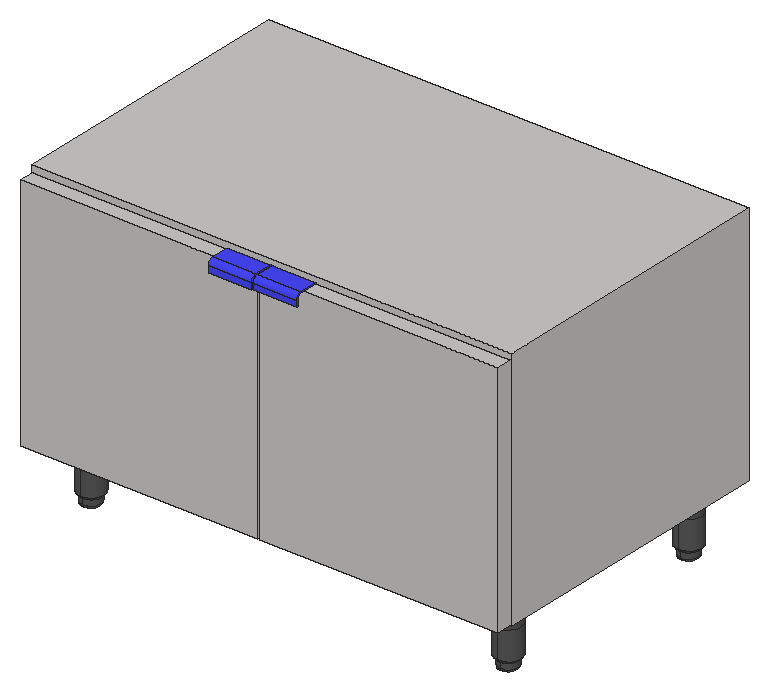
Revit family "QF_CAPIC_AVEN_W543034", category Equipement spécialisé, Revit 2018
Family settings
  Cote de connecteur circulaire = Utiliser le diamètre
  Type d'élément = Normal
  Numéro OmniClass = 23.40.40.14
  Titre OmniClass = Food Service Equipment
  Basée sur le plan de construction = Non
  Toujours verticalement = Oui
  Couper avec des vides une fois chargée = Non
  Partagée = Non
  Point de calcul de pièce = Non
Parameters (values of type "1000 mm")
  profondeur porte ouverte = 630 mm + Longueur hors tout / 2  # 1130 mm
  URL catalogue = "http://www.capic-fr.com/fr/"
  Type de Raccord Plomberie [instance] = ""
  Type de Raccord Electrique [instance] = ""
  Type de Gaz = ""
  Type article [instance] = ""
  Tension = 0 V
  Spécification du Fabricant = ""
  Show Logo = yes
  Remarques evacuation [instance] = ""
  Remarques Plomberie [instance] = ""
  Remarques Electricité [instance] = ""
  Puissance électrique  = 0 W
  Puissance Gaz kW = 0
  Profondeur hors tout = 671 mm
  Pression Maximum Eau Adoucie = 0.0 Pa
  Poids net à vide = 53.00 kg
  Phase = 0
  Modèle = "W543034"
  Longueur hors tout = 1000 mm
  Intensité nominale = 0 A
  Hauteur hors tout = 638 mm
  Hauteur de Raccordement du Sol Finis = 0 mm
  Hauteur de Raccordement Gaz du Sol Finis = 0 mm
  Hauteur de Raccordement Evacuation Directe du Sol Finis = 0 mm
  Hauteur de Raccordement Eau Froide du Sol Finis = 0 mm
  Hauteur de Raccordement Eau Chaude du Sol Finis = 0 mm
  Hauteur de Raccordement Eau Adoucie du Sol Finis = 0 mm
  Fréquence = 0 Hz
  Fabricant = "CAPIC"
  Etagere intermédiaire (option) [instance] = no
  Débit d'air d'extraction = 0.0 m³/h
  Débit Gaz = 0.0 L/s
  Débit Eau Froide = 0.0 L/s
  Débit Eau Chaude = 0.0 L/s
  Débit Eau Adoucie = 0.0 L/s
  Diamètre de Raccordement Gaz = 0 mm
  Diamètre de Raccordement Evacuation = 0 mm
  Diamètre de Raccordement Eau Froide = 0 mm
  Diamètre de Raccordement Eau Chaude = 0 mm
  Diamètre de Raccordement Eau Adoucie = 0 mm
  Description = "Placard fermé 2 portes"
  Assembly Code = ""
  Classification  Omniclass nombre et titre = "23.40.40.14"
Reference planes
  plane 1 "Centre (avant/arrière)": y = 0
  plane 2: z = 0
  plane 3 "Centre (gauche/droite)": x = 0
  plane 4: x = 1000
  plane 5: y = -662
  plane 6: y = -45
  plane 7: x = 25
  plane 8: x = 975
  plane 9: y = -69
  plane 10: y = -539
  plane 11: x = 35
  plane 12: x = 965
  plane 13: x = 2
  plane 14: x = 998
  plane 15: y = -694.5
  plane 16: z = 627
  plane 17: y = -712
  plane 18: z = 625
  plane 19: y = -710
  plane 20: z = 603
  plane 21: x = 408
  plane 22: y = -1175
  plane 23: x = 500
  plane 24: x = 498
  plane 25: x = 502
  plane 26: x = 592
  plane 27: y = -678.25
Forms (mm)
  Extrusion 1, solid, material "QF_Stainless Steel-Brushed"
    sketch origin (0, 0, 0) x (1, 0, 0) y (0, 1, 0)
      loop
        line (0, -45) -> (0, -662) -> (1000, -662) -> (1000, -45) -> (0, -45)
    from 130 to 638
  Extrusion 2, void
    sketch origin (0, 0, 0) x (1, 0, 0) y (0, 1, 0)
      loop
        line (35, -69) -> (35, -662) -> (965, -662) -> (965, -69) -> (35, -69)
    from 175 to 608
  Extrusion 3, solid, material "QF_Stainless Steel-Brushed", visible <- "Etagere intermédiaire (option)"
    sketch origin (0, 0, 0) x (1, 0, 0) y (0, 1, 0)
      loop
        line (35, -69) -> (35, -662) -> (965, -662) -> (965, -69) -> (35, -69)
    from 370 to 400
  Extrusion 4, solid, material "QF_Stainless Steel-Brushed"
    sketch origin (0, 0, 0) x (1, 0, 0) y (0, 1, 0)
      loop
        line (2, -662) -> (2, -694.5) -> (498, -694.5) -> (498, -662) -> (2, -662)
    from 130 to 625
  Extrusion 5, solid, material "QF_Metal Sheet-Blue"
    sketch origin (0, 0, 0) x (0, 1, 0) y (0, 0, 1)
      loop
        line (-662, 627) -> (-700, 627)
        arc (-700, 627) -> (-708.485, 623.485) -> (-712, 615) r 12
        line (-712, 615) -> (-712, 603) -> (-710, 603) -> (-710, 615)
        arc (-710, 615) -> (-707.071, 622.071) -> (-700, 625) r 10
        line (-700, 625) -> (-662, 625) -> (-662, 627)
    from 498 to 408
  Extrusion 6, solid, material "QF_Metal Sheet-Blue"
    sketch origin (252, 0, 0) x (0, 1, 0) y (0, 0, 1)
      loop
        line (-662, 627) -> (-700, 627)
        arc (-700, 627) -> (-708.485, 623.485) -> (-712, 615) r 12
        line (-712, 615) -> (-712, 603) -> (-710, 603) -> (-710, 615)
        arc (-710, 615) -> (-707.071, 622.071) -> (-700, 625) r 10
        line (-700, 625) -> (-662, 625) -> (-662, 627)
    from 340 to 250
  Extrusion 7, solid, material "QF_Stainless Steel-Brushed"
    sketch origin (430, 0, 0) x (1, 0, 0) y (0, 1, 0)
      loop
        line (72, -662) -> (72, -694.5) -> (568, -694.5) -> (568, -662) -> (72, -662)
    from 130 to 625
Cuts and joins
  Extrusion 2 cuts Extrusion 1
Lines and regions (mm)
  symbolic lines, style "SpecialityEquipmentHiddenLines", detail levels medium+fine
    curve 1: arc (998, -1175, 0) -> (652.538, -1035.204, 0) -> (501.516, -694.5, 0) r 496.75
    curve 4: arc (2, -1175, 0) -> (347.462, -1035.204, 0) -> (498.484, -694.5, 0) r 496.75
  symbolic lines, detail levels medium+fine
    curve 2: line (998, -1175, 0) -> (998, -694.5, 0)
    curve 3: line (2, -678.25, 0) -> (2, -1175, 0)
Dimensions and locks
  "Longueur hors tout": plane 3 "Centre (gauche/droite)" to plane 4
  plane 5 to plane 6 to plane 1 "Centre (avant/arrière)" = 617 mm locked, 45 mm locked
  plane 6 to plane 9 to plane 10 = 24 mm locked, 470 mm locked
  locked: plane 3 "Centre (gauche/droite)" to plane 7 at 25
  locked: plane 8 to plane 4 at 25
  locked: plane 3 "Centre (gauche/droite)" to plane 11 at 35
  locked: plane 12 to plane 4 at 35
  locked: plane 3 "Centre (gauche/droite)" to plane 13 at 2
  locked: plane 14 to plane 4 at 2
  locked: plane 5 to plane 15 at 32.5
  locked: plane 16 to plane 18 at 2
  locked: plane 19 to plane 17 at 2
  locked: plane 5 to plane 17 at 50
  locked: plane 16 to plane 20 at 24
  "profondeur porte ouverte": plane 6 to plane 22
  equal spacing: plane 3 "Centre (gauche/droite)", plane 23, plane 4
  locked: plane 23 to plane 25 at 2
  locked: plane 24 to plane 23 at 2
  locked: plane 21 to plane 24 at 90
  locked: plane 25 to plane 26 at 90
  aligned and locked: level to plane 2
  aligned and locked: plane 9 to nested 1
  aligned and locked: nested 1 to plane 7
  aligned and locked: plane 10 to nested 2
  aligned and locked: nested 2 to plane 7
  aligned and locked: plane 8 to nested 3
  aligned and locked: nested 3 to plane 9
  aligned and locked: plane 8 to nested 4
  aligned and locked: nested 4 to plane 10
  aligned and locked: Extrusion 2 sketch curve to plane 9
  aligned and locked: plane 11 to Extrusion 2 sketch curve
  aligned and locked: plane 5 to Extrusion 2 sketch curve
  aligned and locked: Extrusion 2 sketch curve to plane 12
  aligned and locked: Extrusion 4 sketch curve to plane 5
  aligned and locked: plane 13 to Extrusion 4 sketch curve
  aligned and locked: plane 15 to Extrusion 4 sketch curve
  aligned and locked: Extrusion 5 sketch curve to plane 16
  aligned and locked: plane 18 to Extrusion 5 sketch curve
  aligned and locked: Extrusion 5 sketch curve to plane 5
  aligned and locked: plane 20 to Extrusion 5 sketch curve
  aligned and locked: plane 19 to Extrusion 5 sketch curve
  aligned and locked: plane 21 to Extrusion 5
  aligned and locked: plane 24 to Extrusion 4
  aligned and locked: plane 24 to Extrusion 5
  aligned and locked: Extrusion 6 to plane 25
  aligned and locked: plane 26 to Extrusion 6
  aligned and locked: Extrusion 7 to plane 25
  aligned and locked: plane 14 to Extrusion 7
Automatic sketch dimensions
  Extrusion 1 sketch curve to plane 3 "Centre (gauche/droite)" = 0 mm
  Extrusion 1 sketch curve to plane 4 = 0 mm
  Extrusion 1 sketch curve to plane 5 = 0 mm
  Extrusion 1 sketch curve to plane 6 = 0 mm
  Extrusion 3 sketch curve to plane 5 = 0 mm
  Extrusion 3 sketch curve to plane 11 = 0 mm
  Extrusion 3 sketch curve to plane 12 = 0 mm
  Extrusion 3 sketch curve to plane 9 = 0 mm
  Extrusion 4 sketch curve to plane 24 = 0 mm
  Extrusion 5 sketch curve to Extrusion 5 sketch curve = 0 mm  (x2)
  Extrusion 5 sketch curve to plane 15 = 5.5 mm
  Extrusion 6 sketch curve to Extrusion 6 sketch curve = 0 mm  (x2)
  Extrusion 6 sketch curve to plane 17 = 0 mm
  Extrusion 6 sketch curve to plane 19 = 0 mm
  Extrusion 6 sketch curve to plane 18 = 0 mm
  Extrusion 6 sketch curve to plane 5 = 0 mm
  Extrusion 6 sketch curve to plane 20 = 0 mm
  Extrusion 6 sketch curve to plane 15 = 5.5 mm
  Extrusion 7 sketch curve to plane 15 = 0 mm
  Extrusion 7 sketch curve to plane 5 = 0 mm
  plane 25 to Extrusion 7 sketch curve = 0 mm
  Extrusion 7 sketch curve to plane 4 = 2 mm
  curve 4 to plane 13 = 0 mm
  curve 4 to plane 15 = 0 mm
  curve 1 to plane 15 = 0 mm
  curve 2 to plane 14 = 0 mm
  curve 1 to plane 22 = 0 mm
  curve 3 to plane 22 = 0 mm
  plane 15 to curve 2 = 0 mm
  plane 27 to curve 4 = 0 mm
  plane 27 to curve 3 = 0 mm
  plane 27 to curve 1 = 0 mm
Nested families
  nested 1: "QF_Details_Pied" at (13.5, -119, 0) x (0, -1, 0) z (0, 0, 1), type "QF_Details_Pied"
  nested 2: "QF_Details_Pied" at (13.5, -589, 0) x (0, -1, 0) z (0, 0, 1), type "QF_Details_Pied"
  nested 3: "QF_Details_Pied" at (883.5, -119, 0) x (0, -1, 0) z (0, 0, 1), type "QF_Details_Pied"
  nested 4: "QF_Details_Pied" at (883.5, -589, 0) x (0, -1, 0) z (0, 0, 1), type "QF_Details_Pied"
Definition of nested family "QF_Details_Pied"
  Reference planes
    plane 1 "Centre (avant/arrière)": y = 0
    plane 2: z = 0
    plane 3 "Centre (gauche/droite)": x = 0
  Forms (mm)
    Extrusion 1, solid
      sketch origin (-137.492, 51.5, -340.756) x (1, 0, 0) y (0, 0, 1)
        loop
          line (87.492, 481.756) -> (87.492, 472.756) -> (187.492, 472.756) -> (187.492, 481.756) -> (87.492, 481.756)
      from -40 to 40
    Revolve 2, solid
      sketch origin (0, 51.5, -9) x (1, 0, 0) y (0, 0, 1)
        loop
          line (0, 141) -> (0, 9) -> (19.21, 9) -> (19.21, 13) -> (20.21, 13) -> (20.21, 26) -> (21.71, 26) -> (26.66, 30.95) -> (26.66, 90.95) -> (31.468, 136.698) -> (36.246, 141) -> (0, 141)
        axis (0, 141) -> (0, 9)
      angle from 0 to 360
  Dimensions and locks
    aligned and locked: level to plane 2
    aligned and locked: Extrusion 1 to Revolve 2 sketch curve
